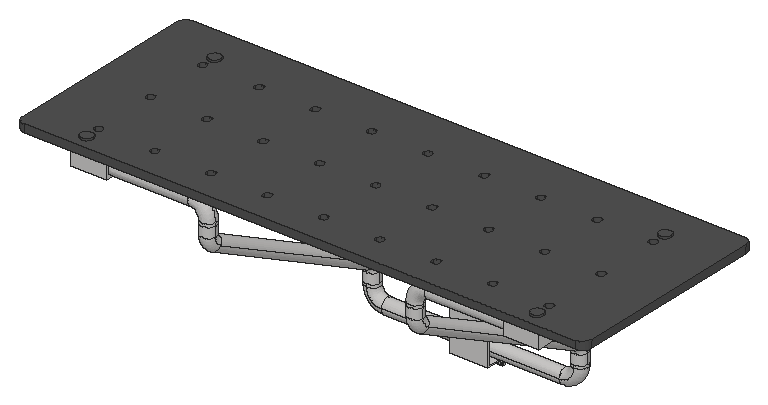
Revit family "rba-bim-rba4157-777-004", category Plumbing Fixtures, Revit 2016
Family settings
  Part Type = Normal
  Round Connector Dimension = Use Diameter
  Work Plane-Based = No
  Always vertical = Yes
  Cut with Voids When Loaded = No
  Shared = No
  Room Calculation Point = No
Parameters (values of type "RBA4157-777-004")
  Watermarked By = "www.rba.com.au"
  URL = "http://www.rba.com.au/catalogue/category/backrests-and-shower-seats"
  Phone Number = "1300 788 778"
  Offset = 475 mm
  Modified Issue = "20200108.01"
  Model = "RBA4157-777-004"
  Materials and Finishes = #304 Satin Stainless Steel Frame with Black Phenolic Seat
  Manufacturer = "Bobrick"
  Description = "Phenolic Folding Shower Seat"
  Copyright by = "RBA Group"  # constant formula
  Accessible Compliant = "AS1428.1-2009 Compliant"
Reference planes
  plane 1 "Center (Front/Back)": y = 0
  plane 2: z = 0
  plane 3 "Center (Left/Right)": x = 0
  plane 4: z = 475
  plane 5: x = -247.5
  plane 6: x = 247.5
  plane 7: x = -30
  plane 8: x = 30
Forms (mm)
  Extrusion 1, solid, material "#304 Satin Stainless Steel Frame with Black Phenolic Seat" <- "Materials and Finishes"
    sketch origin (0, 0, 0) x (1, 0, 0) y (0, 1, 0)
      loop
        arc (-465, -35) -> (-475.607, -39.393) -> (-480, -50) r 15
        line (-480, -50) -> (-480, -375)
        arc (-480, -375) -> (-475.607, -385.607) -> (-465, -390) r 15
        line (-465, -390) -> (465, -390)
        arc (465, -390) -> (475.607, -385.607) -> (480, -375) r 15
        line (480, -375) -> (480, -50)
        arc (480, -50) -> (475.607, -39.393) -> (465, -35) r 15
        line (465, -35) -> (-465, -35)
      loop
        circle (-380, -120) r 7
      loop
        circle (-285, -120) r 7
      loop
        circle (-190, -120) r 7
      loop
        circle (-95, -120) r 7
      loop
        circle (0, -120) r 7
      loop
        circle (95, -120) r 7
      loop
        circle (190, -120) r 7
      loop
        circle (285, -120) r 7
      loop
        circle (380, -120) r 7
      loop
        circle (-380, -230) r 7
      loop
        circle (-285, -230) r 7
      loop
        circle (-190, -230) r 7
      loop
        circle (-95, -230) r 7
      loop
        circle (0, -230) r 7
      loop
        circle (95, -230) r 7
      loop
        circle (190, -230) r 7
      loop
        circle (285, -230) r 7
      loop
        circle (380, -230) r 7
      loop
        circle (-380, -340) r 7
      loop
        circle (-285, -340) r 7
      loop
        circle (-190, -340) r 7
      loop
        circle (-95, -340) r 7
      loop
        circle (0, -340) r 7
      loop
        circle (95, -340) r 7
      loop
        circle (190, -340) r 7
      loop
        circle (285, -340) r 7
      loop
        circle (380, -340) r 7
    from 462 to 475
  Extrusion 2, solid, material "Stainless Steel - Type 304 - Satin Finish"
    sketch origin (0, 0, 0) x (1, 0, 0) y (0, 0, 1)
      loop
        circle (-247.5, 360) r 37.5
    from 0 to 4
  Extrusion 3, solid, material "Stainless Steel - Type 304 - Satin Finish"
    sketch origin (0, 0, 0) x (1, 0, 0) y (0, 0, 1)
      loop
        circle (-228.055, 379.445) r 2.5
      loop
        circle (-266.945, 379.445) r 2.5
      loop
        circle (-247.5, 332.5) r 2.5
    from 4 to 6
  Sweep 4, solid, material "Stainless Steel - Type 304 - Satin Finish"
    path origin (0, 0, 0) x (1, 0, 0) y (0, 0, 1)
      loop
        line (-335, 447) -> (335, 447)
    profile origin (0, 0, 447) x (0, 0, 1) y (0, -1, 0)
      loop
        circle (0, 95) r 12.5
  Sweep 5, solid, material "Stainless Steel - Type 304 - Satin Finish"
    path origin (0, 0, 0) x (0, 1, 0) y (0, 0, 1)
      loop
        line (-95, 447) -> (-95, 405)
        arc (-95, 405) -> (-81.82, 373.18) -> (-50, 360) r 45
        line (-50, 360) -> (-4, 360)
    profile origin (0, -95, 426) x (1, 0, 0) y (0, 1, 0)
      loop
        circle (-247.782, 0) r 12.5
  Extrusion 6, solid, material "Stainless Steel - Type 304 - Satin Finish"
    sketch origin (495, 0, 0) x (1, 0, 0) y (0, 0, 1)
      loop
        circle (-247.5, 360) r 37.5
    from 0 to 4
  Extrusion 7, solid, material "Stainless Steel - Type 304 - Satin Finish"
    sketch origin (495, 0, 0) x (1, 0, 0) y (0, 0, 1)
      loop
        circle (-228.055, 379.445) r 2.5
      loop
        circle (-266.945, 379.445) r 2.5
      loop
        circle (-247.5, 332.5) r 2.5
    from 4 to 6
  Sweep 8, solid, material "Stainless Steel - Type 304 - Satin Finish"
    path origin (247.5, 0, 0) x (0, 1, 0) y (0, 0, 1)
      loop
        line (-95, 447) -> (-95, 405)
        arc (-95, 405) -> (-81.82, 373.18) -> (-50, 360) r 45
        line (-50, 360) -> (-4, 360)
    profile origin (247.5, -95, 426) x (1, 0, 0) y (0, 1, 0)
      loop
        circle (0, 0) r 12.5
  Sweep 9, solid, material "Stainless Steel - Type 304 - Satin Finish"
    path origin (0, 0, 0) x (1, 0, 0) y (0, 0, 1)
      loop
        line (335, 447) -> (200, 447)
        arc (200, 447) -> (182.322, 439.678) -> (175, 422) r 25
        line (175, 422) -> (175, 417)
    profile origin (267.5, 0, 447) x (0, 0, -1) y (0, -1, 0)
      loop
        circle (0, 365) r 12.5
  Sweep 10, solid, material "Stainless Steel - Type 304 - Satin Finish"
    path origin (0, 0, 0) x (1, 0, 0) y (0, 0, 1)
      loop
        line (175, 178.363) -> (175, 173.363)
        arc (175, 173.363) -> (167.678, 155.686) -> (150, 148.363) r 25
        line (150, 148.363) -> (-150, 148.363)
        arc (-150, 148.363) -> (-167.678, 155.686) -> (-175, 173.363) r 25
        line (-175, 173.363) -> (-175, 178.363)
    profile origin (175, 0, 175.863) x (0, -1, 0) y (1, 0, 0)
      loop
        circle (18.477, 0) r 12.5
  Sweep 11, solid, material "Stainless Steel - Type 304 - Satin Finish"
    path origin (0, 500, 0) x (0, 1, 0) y (0, 0, 1)
      loop
        line (-865, 417) -> (-865, 399.976)
        arc (-865, 399.976) -> (-862.098, 389.6) -> (-854.235, 382.235) r 20
        line (-854.235, 382.235) -> (-529.242, 213.056)
        arc (-529.242, 213.056) -> (-521.379, 205.691) -> (-518.477, 195.316) r 20
        line (-518.477, 195.316) -> (-518.477, 178.363)
    profile origin (0, -365, 408.488) x (1, 0, 0) y (0, 1, 0)
      loop
        circle (175, 0) r 12.5
  Sweep 12, solid, material "Stainless Steel - Type 304 - Satin Finish"
    path origin (0, 500, 0) x (0, 1, 0) y (0, 0, -1)
      loop
        line (-865, -417) -> (-865, -399.976)
        arc (-865, -399.976) -> (-862.098, -389.6) -> (-854.235, -382.235) r 20
        line (-854.235, -382.235) -> (-529.242, -213.056)
        arc (-529.242, -213.056) -> (-521.379, -205.691) -> (-518.477, -195.316) r 20
        line (-518.477, -195.316) -> (-518.477, -178.363)
    profile origin (0, -365, 408.488) x (-1, 0, 0) y (0, -1, 0)
      loop
        circle (175, 0) r 12.5
  Sweep 13, solid, material "Stainless Steel - Type 304 - Satin Finish"
    path origin (0, 0, 0) x (-1, 0, 0) y (0, 0, 1)
      loop
        line (335, 447) -> (200, 447)
        arc (200, 447) -> (182.322, 439.678) -> (175, 422) r 25
        line (175, 422) -> (175, 417)
    profile origin (-267.5, 0, 447) x (0, 0, 1) y (0, -1, 0)
      loop
        circle (0, 365) r 12.5
  Extrusion 14, solid, material "Stainless Steel - Type 304 - Satin Finish"
    sketch origin (0, 500, 0) x (0, 1, 0) y (0, 0, 1)
      loop
        line (-580, 462) -> (-610, 462) -> (-610, 432) -> (-580, 432) -> (-580, 462)
      loop
        line (-850, 462) -> (-880, 462) -> (-880, 432) -> (-850, 432) -> (-850, 462)
    from 335 to 395
  Extrusion 15, solid, material "Stainless Steel - Type 304 - Satin Finish"
    sketch origin (0, 500, 0) x (0, 1, 0) y (0, 0, -1)
      loop
        line (-580, -462) -> (-580, -432) -> (-610, -432) -> (-610, -462) -> (-580, -462)
      loop
        line (-850, -462) -> (-850, -432) -> (-880, -432) -> (-880, -462) -> (-850, -462)
    from 335 to 395
  Extrusion 16, solid, material "#304 Satin Stainless Steel Frame with Black Phenolic Seat" <- "Materials and Finishes"
    sketch origin (0, 0, 0) x (1, 0, 0) y (0, 1, 0)
      loop
        circle (-380, -95) r 10
      loop
        circle (-380, -365) r 10
      loop
        circle (380, -95) r 10
      loop
        circle (380, -365) r 10
    from 475 to 477
  Sweep 17, solid, material "Stainless Steel - Type 304 - Satin Finish"
    path origin (0, 500, 0) x (0, 1, 0) y (0, 0, 1)
      loop
        line (-503, 310) -> (-503, 299) -> (-532.979, 299) -> (-532.979, 126) -> (-503, 126) -> (-503, 115)
    profile origin (0, -3, 304.5) x (1, 0, 0) y (0, 1, 0)
      loop
        line (-32.5, 1) -> (-32.5, -1) -> (32.5, -1) -> (32.5, 1) -> (-32.5, 1)
  Extrusion 18, solid, material "Stainless Steel - Type 304 - Satin Finish"
    sketch origin (0, 500, 0) x (1, 0, 0) y (0, 1, 0)
      loop
        line (-32.5, -500) -> (-32.5, -502) -> (32.5, -502) -> (32.5, -500) -> (-32.5, -500)
    from 115 to 310
  Extrusion 19, solid, material "Stainless Steel - Type 304 - Satin Finish"
    sketch origin (0, 500, 0) x (1, 0, 0) y (0, 0, 1)
      loop
        circle (-30, 305) r 2.48
      loop
        circle (-30, 120) r 2.48
      loop
        circle (30, 305) r 2.48
      loop
        circle (30, 120) r 2.48
    from 504 to 506
Cuts and joins
  joined: Extrusion 2, Sweep 4, Sweep 5, Extrusion 6, Sweep 8
  joined: Sweep 9, Sweep 10, Sweep 11, Sweep 12, Sweep 13
  joined: Extrusion 1, Extrusion 16
Dimensions and locks
  "Offset": plane 4 to level
  aligned and locked: level to plane 2
Automatic sketch dimensions
  Extrusion 1 sketch curve to plane 3 "Center (Left/Right)" = 0 mm  (x3)
  Extrusion 1 sketch curve to Extrusion 1 sketch curve = 95 mm  (x19)
  Extrusion 1 sketch curve to plane 3 "Center (Left/Right)" = 95 mm  (x2)
  plane 1 "Center (Front/Back)" to Extrusion 1 sketch curve = 50 mm  (x2)
  Extrusion 1 sketch curve to Extrusion 1 sketch curve = 85 mm  (x3)
  Extrusion 1 sketch curve to Extrusion 1 sketch curve = 15 mm  (x2)
  plane 3 "Center (Left/Right)" to Extrusion 1 sketch curve = 95 mm  (x3)
  Extrusion 1 sketch curve to Extrusion 1 sketch curve = 70 mm  (x2)
  Extrusion 1 sketch curve to Extrusion 1 sketch curve = 0 mm  (x21)
  Extrusion 1 sketch curve to Extrusion 1 sketch curve = 110 mm  (x4)
  Extrusion 1 sketch curve to Extrusion 1 sketch curve = 35 mm
  Extrusion 2 sketch curve to plane 4 = 115 mm
  Extrusion 2 sketch curve to plane 3 "Center (Left/Right)" = 247.5 mm
  Extrusion 3 sketch curve to plane 4 = 95.555 mm
  Extrusion 3 sketch curve to plane 3 "Center (Left/Right)" = 266.945 mm
  Extrusion 3 sketch curve to Extrusion 3 sketch curve = 19.445 mm
  Extrusion 3 sketch curve to Extrusion 3 sketch curve = 38.891 mm
  Extrusion 3 sketch curve to Extrusion 3 sketch curve = 46.945 mm
  Extrusion 3 sketch curve to Extrusion 3 sketch curve = 0 mm
  Sweep 4 sketch curve to plane 4 = 28 mm
  Sweep 4 sketch curve to plane 3 "Center (Left/Right)" = 335 mm
  plane 3 "Center (Left/Right)" to Sweep 4 sketch curve = 335 mm
  profile plane to Sweep 4 sketch curve = 0 mm
  plane 1 "Center (Front/Back)" to Sweep 4 sketch curve = 95 mm
  plane 1 "Center (Front/Back)" to Sweep 5 sketch curve = 95 mm
  Sweep 5 sketch curve to Sweep 5 sketch curve = 45 mm
  Sweep 5 sketch curve to plane 4 = 115 mm
  plane 1 "Center (Front/Back)" to Sweep 5 sketch curve = 4 mm
  Sweep 5 sketch curve to plane 4 = 28 mm
  profile plane to Sweep 5 sketch curve = 0 mm
  Sweep 5 sketch curve to plane 3 "Center (Left/Right)" = 247.782 mm
  Extrusion 6 sketch curve to plane 4 = 115 mm
  plane 3 "Center (Left/Right)" to Extrusion 6 sketch curve = 247.5 mm
  Extrusion 7 sketch curve to plane 4 = 95.555 mm
  plane 3 "Center (Left/Right)" to Extrusion 7 sketch curve = 228.055 mm
  Extrusion 7 sketch curve to Extrusion 7 sketch curve = 19.445 mm
  Extrusion 7 sketch curve to Extrusion 7 sketch curve = 38.891 mm
  Extrusion 7 sketch curve to Extrusion 7 sketch curve = 46.945 mm
  Extrusion 7 sketch curve to Extrusion 7 sketch curve = 0 mm
  plane 1 "Center (Front/Back)" to Sweep 8 sketch curve = 95 mm
  Sweep 8 sketch curve to Sweep 8 sketch curve = 45 mm
  Sweep 8 sketch curve to plane 4 = 115 mm
  plane 1 "Center (Front/Back)" to Sweep 8 sketch curve = 4 mm
  Sweep 8 sketch curve to plane 4 = 28 mm
  profile plane to Sweep 8 sketch curve = 0 mm
  Sweep 8 sketch curve to profile plane = 0 mm
  Sweep 9 sketch curve to plane 4 = 53 mm
  plane 3 "Center (Left/Right)" to Sweep 9 sketch curve = 175 mm
  Sweep 9 sketch curve to Sweep 9 sketch curve = 25 mm
  Sweep 9 sketch curve to Sweep 9 sketch curve = 135 mm
  Sweep 9 sketch curve to Sweep 9 sketch curve = 5 mm
  Sweep 9 sketch curve to profile plane = 0 mm
  plane 1 "Center (Front/Back)" to Sweep 9 sketch curve = 365 mm
  Sweep 10 sketch curve to plane 3 "Center (Left/Right)" = 175 mm
  Sweep 10 sketch curve to Sweep 10 sketch curve = 25 mm  (x2)
  plane 3 "Center (Left/Right)" to Sweep 10 sketch curve = 150 mm
  level to Sweep 10 sketch curve = 148.363 mm
  Sweep 10 sketch curve to Sweep 10 sketch curve = 5 mm  (x2)
  Sweep 10 sketch curve to profile plane = 0 mm
  plane 1 "Center (Front/Back)" to Sweep 10 sketch curve = 18.477 mm
  Sweep 11 sketch curve to plane 4 = 75.024 mm
  plane 1 "Center (Front/Back)" to Sweep 11 sketch curve = 365 mm
  Sweep 11 sketch curve to plane 4 = 92.765 mm
  Sweep 11 sketch curve to Sweep 11 sketch curve = 10.765 mm
  plane 1 "Center (Front/Back)" to Sweep 11 sketch curve = 38.477 mm
  Sweep 11 sketch curve to Sweep 11 sketch curve = 9.235 mm
  plane 1 "Center (Front/Back)" to Sweep 11 sketch curve = 18.477 mm
  level to Sweep 11 sketch curve = 213.056 mm
  Sweep 11 sketch curve to Sweep 11 sketch curve = 16.953 mm
  Sweep 11 sketch curve to Sweep 11 sketch curve = 17.024 mm
  profile plane to Sweep 11 sketch curve = 0 mm
  plane 3 "Center (Left/Right)" to Sweep 11 sketch curve = 175 mm
  Sweep 12 sketch curve to plane 4 = 75.024 mm
  plane 1 "Center (Front/Back)" to Sweep 12 sketch curve = 365 mm
  Sweep 12 sketch curve to plane 4 = 92.765 mm
  Sweep 12 sketch curve to Sweep 12 sketch curve = 10.765 mm
  plane 1 "Center (Front/Back)" to Sweep 12 sketch curve = 38.477 mm
  Sweep 12 sketch curve to Sweep 12 sketch curve = 9.235 mm
  plane 1 "Center (Front/Back)" to Sweep 12 sketch curve = 18.477 mm
  level to Sweep 12 sketch curve = 213.056 mm
  Sweep 12 sketch curve to Sweep 12 sketch curve = 17.024 mm
  Sweep 12 sketch curve to Sweep 12 sketch curve = 16.953 mm
  Sweep 12 sketch curve to profile plane = 0 mm
  profile plane to Sweep 12 sketch curve = 175 mm
  plane 4 to Sweep 13 sketch curve = 53 mm
  plane 3 "Center (Left/Right)" to Sweep 13 sketch curve = 175 mm
  Sweep 13 sketch curve to Sweep 13 sketch curve = 25 mm
  Sweep 13 sketch curve to Sweep 13 sketch curve = 135 mm
  Sweep 13 sketch curve to Sweep 13 sketch curve = 5 mm
  profile plane to Sweep 13 sketch curve = 0 mm
  plane 1 "Center (Front/Back)" to Sweep 13 sketch curve = 365 mm
  Extrusion 14 sketch curve to plane 4 = 13 mm  (x2)
  plane 1 "Center (Front/Back)" to Extrusion 14 sketch curve = 380 mm
  Extrusion 14 sketch curve to Extrusion 14 sketch curve = 30 mm  (x4)
  plane 1 "Center (Front/Back)" to Extrusion 14 sketch curve = 110 mm
  Extrusion 15 sketch curve to plane 4 = 13 mm  (x2)
  plane 1 "Center (Front/Back)" to Extrusion 15 sketch curve = 380 mm
  Extrusion 15 sketch curve to Extrusion 15 sketch curve = 30 mm  (x4)
  plane 1 "Center (Front/Back)" to Extrusion 15 sketch curve = 110 mm
  Extrusion 16 sketch curve to plane 3 "Center (Left/Right)" = 380 mm
  plane 1 "Center (Front/Back)" to Extrusion 16 sketch curve = 95 mm  (x2)
  Extrusion 16 sketch curve to Extrusion 16 sketch curve = 0 mm  (x2)
  plane 3 "Center (Left/Right)" to Extrusion 16 sketch curve = 380 mm
  Extrusion 16 sketch curve to Extrusion 16 sketch curve = 270 mm  (x2)
  plane 1 "Center (Front/Back)" to Sweep 17 sketch curve = 32.979 mm
  plane 1 "Center (Front/Back)" to Sweep 17 sketch curve = 3 mm  (x2)
  level to Sweep 17 sketch curve = 126 mm
  Sweep 17 sketch curve to Sweep 17 sketch curve = 173 mm
  Sweep 17 sketch curve to Sweep 17 sketch curve = 11 mm  (x2)
  profile plane to Sweep 17 sketch curve = 1 mm
  Sweep 17 sketch curve to profile plane = 32.5 mm
  profile plane to Sweep 17 sketch curve = 32.5 mm
  Sweep 17 sketch curve to profile plane = 1 mm
  plane 1 "Center (Front/Back)" to Extrusion 18 sketch curve = 0 mm
  plane 1 "Center (Front/Back)" to Extrusion 18 sketch curve = 2 mm
  Extrusion 18 sketch curve to plane 3 "Center (Left/Right)" = 32.5 mm
  plane 3 "Center (Left/Right)" to Extrusion 18 sketch curve = 32.5 mm
  Extrusion 19 sketch curve to plane 7 = 0 mm  (x2)
  plane 3 "Center (Left/Right)" to Extrusion 19 sketch curve = 30 mm  (x2)
  level to Extrusion 19 sketch curve = 120 mm
  Extrusion 19 sketch curve to Extrusion 19 sketch curve = 0 mm  (x2)
  Extrusion 19 sketch curve to plane 4 = 170 mm
  radius of Extrusion 1 sketch curve = 7 mm  (x27)
  radius of Extrusion 2 sketch curve = 37.5 mm
  radius of Extrusion 3 sketch curve = 2.5 mm  (x3)
  radius of Sweep 4 sketch curve = 12.5 mm
  radius of Sweep 5 sketch curve = 12.5 mm
  radius of Extrusion 6 sketch curve = 37.5 mm
  radius of Extrusion 7 sketch curve = 2.5 mm  (x3)
  radius of Sweep 8 sketch curve = 12.5 mm
  radius of Sweep 9 sketch curve = 12.5 mm
  radius of Sweep 10 sketch curve = 12.5 mm
  radius of Sweep 11 sketch curve = 12.5 mm
  radius of Sweep 12 sketch curve = 12.5 mm
  radius of Sweep 13 sketch curve = 12.5 mm
  radius of Extrusion 16 sketch curve = 10 mm  (x4)
  radius of Extrusion 19 sketch curve = 2.48 mm  (x4)
